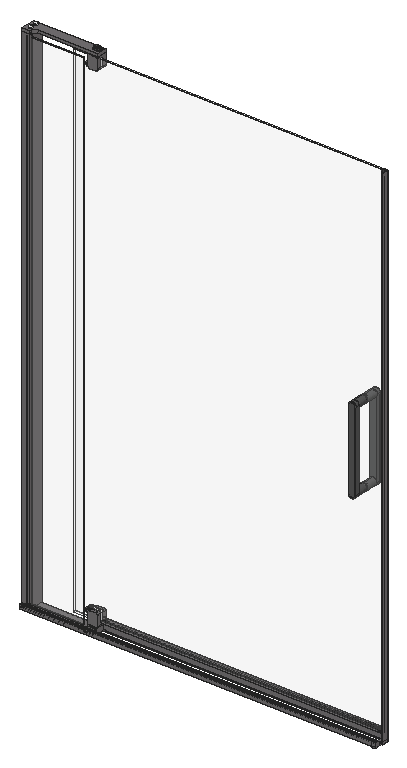
Revit family "Shower-Shower_Door-KOHLER-Revel-K-707551_1", category Specialty Equipment, host Face, Revit 2022 (continued)
Definition of nested family "K-707551"
  Automatic sketch dimensions
    curve 145 to curve 146 = 0"  (x2)
    curve 80 to plane 4 = 0"
    curve 74 to plane 14 = 0"
    plane 1 "Center (Front/Back)" to curve 94 = 0"
    curve 75 to plane 14 = 0"
    curve 78 to plane 27 = 0"
    curve 147 to plane 27 = 0"
    plane 15 to curve 135 = 0"
    plane 15 to curve 136 = 0"
    curve 150 to plane 29 = 0"
    curve 159 to plane 31 = 0"
    plane 30 to curve 161 = 0.03753"
    plane 30 to curve 152 = 0.14173"
    plane 15 to curve 150 = 0"
    plane 19 "A" to curve 131 = 0.03673"
    plane 18 to curve 131 = 0.13423"
    plane 20 "B" to curve 116 = 0.03673"
    plane 18 to curve 116 = 0.13423"
    plane 18 to curve 128 = 0.03673"
    plane 18 to curve 123 = 0.03673"
    plane 18 to curve 108 = 0.03673"
    plane 18 to curve 119 = 0.03673"
    curve 118 to plane 18 = 0.03673"
    curve 109 to plane 18 = 0.03673"
    curve 130 to plane 18 = 0.03673"
    curve 124 to plane 18 = 0.03673"
    curve 125 to plane 19 "A" = 0.03673"
    curve 122 to curve 125 = 0.0975"
    plane 20 "B" to curve 112 = 0.03673"
    curve 110 to curve 112 = 0.0975"
    curve 81 to curve 81 = 0.09093"
    curve 85 to plane 5 = 61/256"
    curve 84 to plane 5 = 0.03"
    curve 83 to plane 5 = 0.03"
    plane 1 "Center (Front/Back)" to curve 102 = 0.02884"
    plane 5 to curve 102 = 0.76063"
    plane 20 "B" to curve 141 = 0.16284"
    curve 102 to curve 141 = 0.04852"
    curve 102 to curve 96 = 0.09966"
    curve 102 to curve 104 = 0.09966"
    curve 141 to curve 143 = 0.07988"
    curve 96 to curve 140 = 0.02874"
    curve 140 to curve 94 = 0.0001"
    curve 95 to curve 103 = 0.02884"
    curve 140 to curve 100 = 0.02895"
    plane 1 "Center (Front/Back)" to curve 103 = 0.02884"
    curve 103 to curve 103 = 0.09966"
    plane 1 "Center (Front/Back)" to curve 142 = 0.04856"
    curve 142 to plane 27 = 0.23277"
    curve 157 to plane 31 = 0.03365"
    plane 31 to curve 158 = 0.01322"
    plane 31 to curve 156 = 0.02423"
    curve 156 to curve 154 = 0.00633"
    curve 155 to curve 153 = 0.05885"
    plane 31 to curve 155 = 0.08389"
    plane 1 "Center (Front/Back)" to curve 160 = 0.00425"
    curve 155 to curve 160 = 0.02009"
    plane 31 to curve 162 = 0.15086"
    curve 163 to curve 163 = 0.02441"
    curve 148 to plane 30 = 0.05767"
    curve 147 to plane 30 = 0.05767"
    curve 80 to curve 79 = 0.1652"
    curve 84 to plane 15 = 0.4581"
    curve 84 to curve 85 = 0.11575"
    curve 130 to curve 129 = 0.0975"
    plane 19 "A" to curve 130 = 0.03673"
    curve 127 to plane 19 "A" = 0.03673"
    curve 120 to curve 121 = 0.0975"
    plane 1 "Center (Front/Back)" to curve 162 = 0.18411"
    curve 163 to curve 148 = 0.02361"
    curve 104 to curve 104 = 0.09966"
    curve 101 to plane 1 "Center (Front/Back)" = 0.02884"
    curve 96 to plane 1 "Center (Front/Back)" = 0.02884"
    curve 96 to curve 140 = 0.00248"
    curve 155 to plane 1 "Center (Front/Back)" = 0.09118"
    curve 99 to curve 97 = 0.09966"
    curve 155 to curve 154 = 0.06544"
    curve 154 to curve 156 = 0.00927"
    curve 111 to plane 20 "B" = 0.13423"
    curve 114 to plane 20 "B" = 0.03673"
    curve 119 to plane 20 "B" = 0.03673"
    curve 158 to curve 157 = 0.0175"
    curve 108 to curve 108 = 0.0975"
    curve 141 to curve 144 = 0.00699"
    curve 88 to curve 81 = 0.00607"
    plane 5 to curve 87 = 0.27052"
    plane 5 to curve 74 = 0.38638"
    curve 94 to curve 102 = 0.2311"
    curve 92 to curve 102 = 0.08693"
    plane 20 "B" to curve 141 = 0.01706"
    curve 74 to curve 141 = 0.00276"
    curve 140 to curve 141 = 0"
    curve 143 to curve 141 = 0.01712"
    curve 141 to curve 144 = 0.00256"
    curve 146 to curve 75 = 0.02854"
    plane 1 "Center (Front/Back)" to curve 142 = 0.13925"
    curve 75 to plane 27 = 0.1683"
    curve 89 to plane 27 = 0.04478"
    curve 135 to plane 19 "A" = 0.21563"
    curve 135 to plane 6 "K" = 0.49213"
    curve 132 to plane 20 "B" = 0.11924"
    curve 132 to plane 6 "K" = 0.49213"
    curve 138 to plane 6 "K" = 0.49213"
    plane 6 "K" to curve 136 = 0.49213"
    curve 134 to curve 136 = 0"
    plane 6 "K" to curve 138 = 0.49213"
    curve 156 to plane 29 = 0.05792"
    curve 156 to curve 139 = 0.00498"
    curve 163 to curve 161 = 0.0027"
    plane 30 to curve 162 = 0.01307"
    curve 136 to curve 137 = 0.05765"
    curve 137 to curve 151 = 0.2007"
    curve 151 to curve 152 = 0.06438"
    curve 87 to curve 90 = 0.123"
    curve 89 to curve 87 = 0.11678"
    curve 77 to curve 148 = 0.17575"
    curve 150 to plane 19 "A" = 0.21563"
    curve 136 to plane 19 "A" = 0.21563"
    curve 76 to curve 148 = 0.06517"
    curve 76 to plane 14 = 0.19046"
    curve 133 to plane 14 = 0.19046"
    curve 134 to plane 14 = 0.19046"
    plane 12 to curve 138 = 0.51403"
    curve 35 to curve 36 = 0"
    plane 4 to curve 3 = 0"
    plane 4 to curve 5 = 0"
    curve 1 to plane 7 = 0"
    curve 4 to plane 16 = 0"
    curve 4 to plane 17 = 0"
    curve 3 to plane 8 = 0"
    curve 14 to plane 21 "C" = 0"
    curve 6 to plane 5 = 0"
    curve 5 to plane 5 = 0"
    curve 33 to plane 17 = 0"
    curve 13 to plane 16 = 0"
    curve 20 to plane 8 = 0"
    curve 23 to plane 7 = 0"
    curve 34 to plane 17 = 0"
    curve 15 to plane 16 = 0"
    curve 166 to plane 22 = 0"
    plane 30 to curve 17 = 0.14173"
    curve 165 to plane 30 = 0"
    curve 149 to plane 22 = 0"
    curve 35 to plane 9 "D" = 0"
    curve 6 to plane 17 = 0"
    curve 14 to plane 5 = 0.03234"
    plane 9 "D" to curve 33 = 0.02692"
    plane 5 to curve 33 = 0.26228"
    curve 7 to plane 21 "C" = 0.03784"
    plane 5 to curve 7 = 0.28002"
    plane 9 "D" to curve 30 = 0.27933"
    curve 8 to curve 8 = 0.24016"
    curve 30 to plane 27 = 0.31124"
    curve 10 to plane 21 "C" = 0.03893"
    curve 10 to plane 27 = 0.28385"
    plane 9 "D" to curve 34 = 0.02692"
    plane 31 to curve 166 = 0.15086"
    plane 16 to curve 18 = 0.04195"
    plane 7 to curve 2 = 0.03277"
    plane 18 to curve 2 = 0.246"
    curve 2 to curve 1 = 0"  (x2)
    curve 1 to plane 18 = 0.246"
    curve 4 to plane 18 = 0.48083"
    curve 1 to curve 3 = 0.23863"
    plane 5 to curve 22 = 0.26706"
    curve 31 to curve 36 = 0.02188"
    plane 26 to curve 25 = 0.16051"
    plane 5 to curve 25 = 0.56409"
    plane 16 to curve 12 = 0.12358"
    curve 7 to curve 12 = 0.37288"
    curve 12 to curve 13 = 0"
    curve 25 to curve 24 = 23/256"
    curve 22 to curve 20 = 0.38688"
    curve 24 to curve 23 = 0"  (x2)
    curve 20 to curve 21 = 0"  (x2)
    curve 20 to plane 27 = 0.45049"
    curve 23 to curve 20 = 0"
    curve 13 to curve 11 = 0.40467"
    curve 13 to curve 12 = 0.00481"
    curve 24 to curve 25 = 23/256"
    curve 22 to plane 27 = 0.06361"
    curve 15 to plane 27 = 0.04478"
    curve 167 to plane 29 = 0.05794"
    curve 149 to plane 28 = 0.05484"
    curve 16 to level = 0.00013"
    curve 18 to curve 15 = 0.13054"
    plane 16 to curve 11 = 0.16295"
    curve 166 to curve 19 = 0.42563"
    plane 16 to curve 6 = 0.46758"
    curve 7 to curve 6 = 0"
    plane 21 "C" to curve 14 = 0.31068"
    curve 35 to plane 9 "D" = 0.16965"
    curve 22 to plane 8 = 0.13399"
    curve 21 to plane 8 = 0.07121"
    curve 24 to curve 25 = 0.063"
    Extrusion 1 sketch curve to level = 0"
    Extrusion 1 sketch curve to plane 15 = 0.06835"
    Extrusion 1 sketch curve to Extrusion 1 sketch curve = 0.0575"
    Extrusion 1 sketch curve to Extrusion 1 sketch curve = 0.00517"
    Extrusion 1 sketch curve to Extrusion 1 sketch curve = 0.01419"
    Extrusion 1 sketch curve to Extrusion 1 sketch curve = 0.06095"
    level to Extrusion 1 sketch curve = 1/16"
    Extrusion 1 sketch curve to plane 19 "A" = 0.24875"
    Extrusion 1 sketch curve to Extrusion 1 sketch curve = 0.0269"
    Extrusion 1 sketch curve to plane 14 = 0.11294"
    Extrusion 1 sketch curve to plane 14 = 0.10972"
    level to Extrusion 1 sketch curve = 0.0362"
    level to Extrusion 1 sketch curve = 0.1353"
    Extrusion 1 sketch curve to Extrusion 1 sketch curve = 0.18081"
    Extrusion 1 sketch curve to plane 16 = 0.14992"
    Extrusion 2 sketch curve to plane 15 = 0"
    Extrusion 2 sketch curve to plane 16 = 0"
    Extrusion 2 sketch curve to level = 0"
    Extrusion 2 sketch curve to Extrusion 2 sketch curve = 0.02565"
    Extrusion 2 sketch curve to Extrusion 2 sketch curve = 0.04849"
    Extrusion 2 sketch curve to plane 15 = 0.06835"
    Extrusion 2 sketch curve to Extrusion 2 sketch curve = 0.01986"
    Extrusion 2 sketch curve to Extrusion 2 sketch curve = 0.13"
    Extrusion 2 sketch curve to Extrusion 2 sketch curve = 0.03"
    Extrusion 2 sketch curve to Extrusion 2 sketch curve = 0.02306"
    level to Extrusion 2 sketch curve = 0.06"
    Extrusion 2 sketch curve to plane 19 "A" = 0.21563"
    Extrusion 2 sketch curve to level = 0.00012"
    Extrusion 2 sketch curve to Extrusion 2 sketch curve = 0.05002"
    Extrusion 2 sketch curve to Extrusion 2 sketch curve = 0.06012"
    Extrusion 2 sketch curve to Extrusion 2 sketch curve = 0.23886"
    Extrusion 2 sketch curve to Extrusion 2 sketch curve = 0.03927"
    Extrusion 3 sketch curve to plane 15 = 0"
    Extrusion 3 sketch curve to plane 16 = 0"
    plane 15 to Extrusion 3 sketch curve = 0.01592"
    Extrusion 3 sketch curve to Extrusion 3 sketch curve = 0.01926"
    Extrusion 3 sketch curve to plane 15 = 0.27398"
    Extrusion 3 sketch curve to Extrusion 3 sketch curve = 0.02839"
    level to Extrusion 3 sketch curve = 0.12718"
    Extrusion 3 sketch curve to Extrusion 3 sketch curve = 0.02873"
    Extrusion 3 sketch curve to Extrusion 3 sketch curve = 0.00215"
    Extrusion 3 sketch curve to Extrusion 3 sketch curve = 0.01786"
    Extrusion 3 sketch curve to Extrusion 3 sketch curve = 0.03964"
    level to Extrusion 3 sketch curve = 0.02652"
    Extrusion 3 sketch curve to plane 19 "A" = 0.24875"
    Extrusion 3 sketch curve to level = 0.00012"
    Extrusion 3 sketch curve to plane 20 "B" = 0.05137"
    Extrusion 3 sketch curve to plane 20 "B" = 0.04724"
    Extrusion 3 sketch curve to plane 20 "B" = 0.01862"
    level to Extrusion 3 sketch curve = 0.03588"
    Extrusion 3 sketch curve to Extrusion 3 sketch curve = 0.03586"
    Extrusion 3 sketch curve to Extrusion 3 sketch curve = 0.17605"
    plane 16 to Extrusion 3 sketch curve = 0.01936"
    Extrusion 4 sketch curve to plane 4 = 0"  (x3)
    Extrusion 4 sketch curve to Extrusion 4 sketch curve = 0.0602"  (x3)
    plane 18 to Extrusion 4 sketch curve = 0.07962"  (x2)
    Extrusion 4 sketch curve to plane 18 = 0.12868"
    Extrusion 4 sketch curve to Extrusion 4 sketch curve = 0.35216"
    Extrusion 4 sketch curve to plane 14 = 0.06541"
    Extrusion 4 sketch curve to plane 18 = 0.48463"
    Extrusion 4 sketch curve to Extrusion 4 sketch curve = 0.08028"
    Extrusion 4 sketch curve to plane 20 "B" = 0.05739"
    Extrusion 4 sketch curve to Extrusion 4 sketch curve = 0.06414"
    Extrusion 4 sketch curve to plane 19 "A" = 0.12285"
    Extrusion 4 sketch curve to plane 19 "A" = 0.05862"
    plane 19 "A" to Extrusion 4 sketch curve = 0.29112"
    Extrusion 4 sketch curve to Extrusion 4 sketch curve = 0.11575"
    Extrusion 4 sketch curve to plane 15 = 0.32135"
    Extrusion 4 sketch curve to Extrusion 4 sketch curve = 0.063"
    plane 18 to Extrusion 5 sketch curve = 0.07962"  (x2)
    Extrusion 5 sketch curve to plane 18 = 0.12868"
    Extrusion 5 sketch curve to plane 5 = 61/256"
    Extrusion 5 sketch curve to plane 5 = 0.03"  (x2)
    Extrusion 5 sketch curve to plane 15 = 0.4581"
    Extrusion 5 sketch curve to Extrusion 5 sketch curve = 0.11575"
    Extrusion 6 sketch curve to plane 14 = 0"
    Extrusion 6 sketch curve to plane 15 = 0.20009"
    Extrusion 6 sketch curve to plane 18 = 0.45693"
    Extrusion 6 sketch curve to Extrusion 6 sketch curve = 0.09093"
    Extrusion 6 sketch curve to Extrusion 6 sketch curve = 0.51584"
    Extrusion 6 sketch curve to Extrusion 6 sketch curve = 0.07427"
    Revolve 7 sketch curve to plane 7 = 0.10388"
    Revolve 7 sketch curve to Revolve 7 sketch curve = 0.03277"
    Revolve 7 sketch curve to Revolve 7 sketch curve = 0.17753"
    Revolve 7 sketch curve to plane 26 = 0.02929"
    Revolve 7 sketch curve to Revolve 7 sketch curve = 0.2419"
    Revolve 8 sketch curve to Revolve 8 sketch curve = 0.03277"
    Revolve 8 sketch curve to Revolve 8 sketch curve = 0.17753"
    Revolve 8 sketch curve to plane 7 = 0.10388"
    plane 26 to Revolve 8 sketch curve = 0.01062"
    Revolve 8 sketch curve to plane 26 = 0.13893"
    Extrusion 9 sketch curve to level = 0"
    Extrusion 9 sketch curve to plane 15 = 0.06835"
    Extrusion 9 sketch curve to Extrusion 9 sketch curve = 0.0575"
    Extrusion 9 sketch curve to Extrusion 9 sketch curve = 0.11628"
    Extrusion 9 sketch curve to Extrusion 9 sketch curve = 0.01"
    Extrusion 9 sketch curve to Extrusion 9 sketch curve = 0.0365"
    Extrusion 9 sketch curve to plane 16 = 0.00492"  (x2)
    Extrusion 9 sketch curve to Extrusion 9 sketch curve = 0.03091"
    Extrusion 9 sketch curve to Extrusion 9 sketch curve = 0.05911"
    Extrusion 9 sketch curve to Extrusion 9 sketch curve = 1/8"
    Extrusion 9 sketch curve to Extrusion 9 sketch curve = 0.04573"
    Extrusion 9 sketch curve to Extrusion 9 sketch curve = 0.27637"
    Extrusion 9 sketch curve to Extrusion 9 sketch curve = 0.06091"
    Extrusion 9 sketch curve to Extrusion 9 sketch curve = 0.04562"
    level to Extrusion 9 sketch curve = 1/16"
    Extrusion 9 sketch curve to plane 19 "A" = 0.24913"
    Extrusion 9 sketch curve to Extrusion 9 sketch curve = 1/32"
    Extrusion 9 sketch curve to plane 14 = 0.07674"
    level to Extrusion 9 sketch curve = 0.13559"
    level to Extrusion 9 sketch curve = 1/4"
    Extrusion 9 sketch curve to Extrusion 9 sketch curve = 0.05172"
    Extrusion 9 sketch curve to plane 16 = 0.14992"
    Extrusion 10 sketch curve to plane 21 "C" = 0.03784"
    plane 5 to Extrusion 10 sketch curve = 0.28002"
    Extrusion 10 sketch curve to Extrusion 10 sketch curve = 0.03852"
    Extrusion 10 sketch curve to Extrusion 10 sketch curve = 0.24016"
    Extrusion 10 sketch curve to plane 21 "C" = 0.03893"
    Extrusion 10 sketch curve to plane 27 = 0.28385"
    Extrusion 10 sketch curve to Extrusion 10 sketch curve = 0.03937"
    plane 16 to Extrusion 10 sketch curve = 0.16295"
    plane 1 "Center (Front/Back)" to Extrusion 11 sketch curve = 0.223"
    Extrusion 11 sketch curve to plane 20 "B" = 0.04449"
    plane 16 to Extrusion 11 sketch curve = 0.46758"
    Extrusion 11 sketch curve to plane 21 "C" = 0.5088"
    plane 5 to Extrusion 12 sketch curve = 0.29971"
    Extrusion 12 sketch curve to plane 21 "C" = 0.25831"
    Extrusion 12 sketch curve to Extrusion 12 sketch curve = 0.22047"
    Extrusion 12 sketch curve to plane 21 "C" = 0.03893"
    Extrusion 12 sketch curve to plane 27 = 0.28385"
    plane 16 to Extrusion 12 sketch curve = 0.46758"
    plane 20 "B" to Revolve 13 sketch curve = 0.069"
    plane 20 "B" to Revolve 13 sketch curve = 0.02888"
    Revolve 13 sketch curve to plane 20 "B" = 0.14723"
    Revolve 13 sketch curve to Revolve 13 sketch curve = 0.03917"  (x2)
    plane 1 "Center (Front/Back)" to Revolve 13 sketch curve = 0.097"
    Revolve 13 sketch curve to Revolve 13 sketch curve = 0.17611"
    Revolve 13 sketch curve to plane 5 = 0.03234"  (x2)
    Revolve 13 sketch curve to plane 19 "A" = 0.19948"
    Revolve 13 sketch curve to plane 5 = 0.18945"
    Revolve 13 sketch curve to Revolve 13 sketch curve = 0.1116"  (x2)
    Revolve 13 sketch curve to Revolve 13 sketch curve = 0.00353"  (x2)
    Revolve 13 sketch curve to Revolve 13 sketch curve = 0.138"
    Revolve 13 sketch curve to Revolve 13 sketch curve = 0"
    plane 5 to Extrusion 14 sketch curve = 0.48346"
    Extrusion 14 sketch curve to Extrusion 14 sketch curve = 0.10908"  (x7)
    Extrusion 14 sketch curve to Extrusion 14 sketch curve = 0.40681"
    Extrusion 14 sketch curve to Extrusion 14 sketch curve = 0"  (x2)
    plane 21 "C" to Extrusion 14 sketch curve = 0.69196"
    Extrusion 14 sketch curve to Extrusion 14 sketch curve = 0.06298"  (x6)
    Extrusion 14 sketch curve to Extrusion 14 sketch curve = 0.12596"  (x6)
    Revolve 15 sketch curve to plane 5 = 0"  (x2)
    plane 20 "B" to Revolve 15 sketch curve = 0.07592"
    plane 20 "B" to Revolve 15 sketch curve = 0.0358"
    Revolve 15 sketch curve to plane 20 "B" = 0.14031"
    Revolve 15 sketch curve to Revolve 15 sketch curve = 0.03917"  (x2)
    plane 1 "Center (Front/Back)" to Revolve 15 sketch curve = 0.09007"
    Revolve 15 sketch curve to Revolve 15 sketch curve = 0.17611"
    Revolve 15 sketch curve to Revolve 15 sketch curve = 0.04012"
    Revolve 15 sketch curve to plane 5 = 0.15711"
    Revolve 15 sketch curve to Revolve 15 sketch curve = 0.1116"  (x2)
    Revolve 15 sketch curve to Revolve 15 sketch curve = 0.00353"  (x2)
    Revolve 15 sketch curve to Revolve 15 sketch curve = 0.04117"
    Revolve 15 sketch curve to Revolve 15 sketch curve = 0.03191"
    plane 1 "Center (Front/Back)" to Extrusion 16 sketch curve = 0.1776"
    plane 1 "Center (Front/Back)" to Extrusion 16 sketch curve = 0.13662"
    Extrusion 16 sketch curve to Extrusion 16 sketch curve = 0.01969"
    plane 1 "Center (Front/Back)" to Extrusion 16 sketch curve = 0.097"
    Extrusion 16 sketch curve to plane 1 "Center (Front/Back)" = 0.019"
    Extrusion 16 sketch curve to plane 1 "Center (Front/Back)" = 0.135"
    Extrusion 16 sketch curve to Extrusion 16 sketch curve = 0.01577"
    Extrusion 16 sketch curve to Extrusion 16 sketch curve = 0.06816"
    Extrusion 16 sketch curve to Extrusion 16 sketch curve = 0.02029"
    Extrusion 16 sketch curve to plane 20 "B" = 0.06943"
    Extrusion 16 sketch curve to plane 20 "B" = 0.05981"
    Extrusion 16 sketch curve to plane 20 "B" = 0.04455"
    Extrusion 16 sketch curve to Extrusion 16 sketch curve = 0.00192"
    Extrusion 16 sketch curve to Extrusion 16 sketch curve = 0.02195"
    Extrusion 16 sketch curve to plane 20 "B" = 0.0158"
    plane 20 "B" to Extrusion 16 sketch curve = 0.02709"
    plane 20 "B" to Extrusion 16 sketch curve = 0.1554"
    Extrusion 16 sketch curve to Extrusion 16 sketch curve = 0.13668"
    Extrusion 16 sketch curve to plane 14 = 0.10279"
    plane 12 to Extrusion 16 sketch curve = 0.13751"
    level to Extrusion 16 sketch curve = 0.02205"
    plane 16 to Extrusion 16 sketch curve = 0.38094"
    plane 16 to Extrusion 16 sketch curve = 0.46758"
    Extrusion 16 sketch curve to Extrusion 16 sketch curve = 0.05297"
    Extrusion 16 sketch curve to Extrusion 16 sketch curve = 0.06092"
    Extrusion 16 sketch curve to Extrusion 16 sketch curve = 0.00797"
    Extrusion 16 sketch curve to Extrusion 16 sketch curve = 0.08"
    Extrusion 16 sketch curve to Extrusion 16 sketch curve = 0.0482"
    Extrusion 16 sketch curve to Extrusion 16 sketch curve = 0.00549"
    Extrusion 16 sketch curve to Extrusion 16 sketch curve = 0.13016"
    Extrusion 16 sketch curve to Extrusion 16 sketch curve = 0.17562"
    Extrusion 16 sketch curve to Extrusion 16 sketch curve = 0.03365"
    Extrusion 16 sketch curve to Extrusion 16 sketch curve = 0.22138"
    Extrusion 16 sketch curve to Extrusion 16 sketch curve = 0.42658"
    Extrusion 16 sketch curve to Extrusion 16 sketch curve = 0.04739"
    Extrusion 16 sketch curve to plane 21 "C" = 0.6411"
    Extrusion 16 sketch curve to Extrusion 16 sketch curve = 0"  (x4)
    Extrusion 16 sketch curve to plane 20 "B" = 0.00715"
    Extrusion 16 sketch curve to Extrusion 16 sketch curve = 0.00661"
    Extrusion 17 sketch curve to Extrusion 17 sketch curve = 0.03321"  (x2)
    plane 9 "D" to Extrusion 17 sketch curve = 0.02692"  (x2)
    Extrusion 17 sketch curve to plane 27 = 0.05882"
    plane 5 to Extrusion 17 sketch curve = 0.51469"
    plane 1 "Center (Front/Back)" to Extrusion 18 sketch curve = 0.22762"
    Extrusion 18 sketch curve to plane 20 "B" = 0.08637"
    plane 5 to Extrusion 19 sketch curve = 0.28196"
    plane 9 "D" to Extrusion 19 sketch curve = 0.02692"  (x2)
    Extrusion 19 sketch curve to Extrusion 19 sketch curve = 0.23273"
    Extrusion 19 sketch curve to plane 27 = 0.31124"
    plane 1 "Center (Front/Back)" to Extrusion 20 sketch curve = 0.1605"
    Extrusion 20 sketch curve to plane 5 = 2.07363"
    Extrusion 20 sketch curve to plane 1 "Center (Front/Back)" = 0.152"
    Extrusion 20 sketch curve to Extrusion 20 sketch curve = 0"
    Extrusion 20 sketch curve to Extrusion 20 sketch curve = 0.19516"
    plane 1 "Center (Front/Back)" to Extrusion 20 sketch curve = 0.00425"
    plane 31 to Extrusion 20 sketch curve = 0.10398"
    plane 23 to Extrusion 21 sketch curve = 0.06719"  (x4)
    plane 5 to Extrusion 21 sketch curve = 0.46627"
    Extrusion 21 sketch curve to plane 23 = 0.12174"  (x2)
    Extrusion 21 sketch curve to Extrusion 21 sketch curve = 0.10908"  (x7)
    plane 23 to Extrusion 21 sketch curve = 0.00422"  (x2)
    Extrusion 21 sketch curve to plane 22 = 0.12366"  (x2)
    Extrusion 21 sketch curve to Extrusion 21 sketch curve = 0.40862"
    Extrusion 21 sketch curve to Extrusion 21 sketch curve = 0"
    Extrusion 21 sketch curve to plane 23 = 0.05876"  (x4)
    Revolve 22 sketch curve to plane 11 = 0"
    plane 24 to Revolve 22 sketch curve = 0.24424"
    plane 12 to Revolve 22 sketch curve = 0.51403"
    Revolve 22 sketch curve to plane 1 "Center (Front/Back)" = 0.135"
    plane 1 "Center (Front/Back)" to Revolve 22 sketch curve = 0.097"
    Revolve 22 sketch curve to plane 15 = 0.05765"
    Revolve 22 sketch curve to plane 12 = 1.06078"
    Revolve 22 sketch curve to Revolve 22 sketch curve = 0.3937"
    plane 1 "Center (Front/Back)" to Revolve 23 sketch curve = 0.097"
    Revolve 23 sketch curve to plane 25 = 0.24424"
    Revolve 23 sketch curve to plane 1 "Center (Front/Back)" = 0.135"
    plane 12 to Revolve 23 sketch curve = 0.51403"
    Revolve 23 sketch curve to plane 15 = 0.05765"
    Revolve 23 sketch curve to plane 12 = 3.81668"
    Revolve 23 sketch curve to Revolve 23 sketch curve = 0.7874"
    Sweep 24 sketch curve to profile plane = 0"
    Sweep 24 sketch curve to profile plane = 0.03819"
    Sweep 24 sketch curve to Sweep 24 sketch curve = 0.03217"
    plane 1 "Center (Front/Back)" to Sweep 24 sketch curve = 1.47495"
    Sweep 24 sketch curve to Sweep 24 sketch curve = 0.48457"
    Extrusion 25 sketch curve to plane 25 = 0"
    Sweep 26 sketch curve to profile plane = 0"
    profile plane to Sweep 26 sketch curve = 0.03596"
    Sweep 26 sketch curve to Sweep 26 sketch curve = 0.04726"
    Sweep 26 sketch curve to plane 1 "Center (Front/Back)" = 2.10994"
    Sweep 26 sketch curve to Sweep 26 sketch curve = 0.47807"
    Extrusion 27 sketch curve to plane 25 = 0"
    Extrusion 27 sketch curve to plane 24 = 0"
    plane 1 "Center (Front/Back)" to Extrusion 28 sketch curve = 0"
    Extrusion 28 sketch curve to plane 27 = 0.68567"
    Masking region 1 sketch curve to Masking region 1 sketch curve = 0"  (x4)
    plane 18 to Masking region 1 sketch curve = 0"
    Masking region 1 sketch curve to plane 7 = 0"  (x2)
    Masking region 1 sketch curve to plane 5 = 0"
    Masking region 1 sketch curve to plane 26 = 0"
    Masking region 1 sketch curve to plane 16 = 0"  (x2)
    Masking region 1 sketch curve to plane 8 = 0"
    Masking region 1 sketch curve to plane 17 = 0"
    Masking region 1 sketch curve to plane 28 = 0"
    Masking region 1 sketch curve to level = 0"
    plane 18 to Masking region 1 sketch curve = 0.246"
    plane 7 to Masking region 1 sketch curve = 0.03277"
    Masking region 1 sketch curve to plane 18 = 0.246"
    plane 5 to Masking region 1 sketch curve = 0.26228"
    Masking region 1 sketch curve to plane 8 = 0.07121"  (x2)
    Masking region 1 sketch curve to Masking region 1 sketch curve = 0.00478"
    Masking region 1 sketch curve to Masking region 1 sketch curve = 0.28002"
    Masking region 1 sketch curve to Masking region 1 sketch curve = 0.03852"
    Masking region 1 sketch curve to Masking region 1 sketch curve = 0.11286"
    plane 7 to Masking region 1 sketch curve = 0.1409"  (x2)
    plane 5 to Masking region 1 sketch curve = 0.52953"
    plane 26 to Masking region 1 sketch curve = 0.16051"  (x2)
    Masking region 1 sketch curve to Masking region 1 sketch curve = 0.03457"  (x2)
    plane 26 to Masking region 1 sketch curve = 0.02092"  (x2)
    Masking region 1 sketch curve to Masking region 1 sketch curve = 0.01962"
    plane 26 to Masking region 1 sketch curve = 0.02431"
    Masking region 1 sketch curve to Masking region 1 sketch curve = 0.33436"
    Masking region 1 sketch curve to Masking region 1 sketch curve = 0.12442"
    Masking region 1 sketch curve to Masking region 1 sketch curve = 0.27402"
    Masking region 1 sketch curve to plane 27 = 0.45049"
    plane 16 to Masking region 1 sketch curve = 0.12358"
    Masking region 1 sketch curve to plane 27 = 0.44945"
    Masking region 1 sketch curve to Masking region 1 sketch curve = 0.04616"
    Masking region 1 sketch curve to Masking region 1 sketch curve = 0.02407"
    Masking region 1 sketch curve to Masking region 1 sketch curve = 23/256"
    Masking region 1 sketch curve to plane 27 = 0.17647"
    Masking region 1 sketch curve to plane 27 = 0.08415"
    Masking region 1 sketch curve to plane 27 = 0.06361"
    Masking region 1 sketch curve to plane 27 = 0.05882"
    Masking region 1 sketch curve to plane 27 = 0.04478"
    Masking region 1 sketch curve to Masking region 1 sketch curve = 0.12358"
    Masking region 1 sketch curve to Masking region 1 sketch curve = 0.03937"
    Masking region 1 sketch curve to Masking region 1 sketch curve = 0.30548"
    Masking region 1 sketch curve to Masking region 1 sketch curve = 0.09599"  (x2)
    Masking region 1 sketch curve to plane 7 = 0.10415"
    Masking region 2 sketch curve to Masking region 2 sketch curve = 0"  (x7)
    Masking region 2 sketch curve to level = 0"  (x2)
    Masking region 2 sketch curve to plane 15 = 0"  (x2)
    Masking region 2 sketch curve to plane 10 = 0"
    Masking region 2 sketch curve to plane 12 = 0"
    Masking region 2 sketch curve to plane 13 = 0"
    Masking region 2 sketch curve to plane 11 = 0"  (x2)
    Masking region 2 sketch curve to plane 8 = 0"
    Masking region 2 sketch curve to plane 19 "A" = 0"
    Masking region 2 sketch curve to plane 20 "B" = 0"
    Masking region 2 sketch curve to plane 7 = 0"  (x2)
    Masking region 2 sketch curve to plane 14 = 0"
    Masking region 2 sketch curve to level = 0.00012"
    level to Masking region 2 sketch curve = 0.01986"
    Masking region 2 sketch curve to Masking region 2 sketch curve = 0.0269"
    level to Masking region 2 sketch curve = 0.03587"
    Masking region 2 sketch curve to Masking region 2 sketch curve = 0.0331"
    Masking region 2 sketch curve to Masking region 2 sketch curve = 0.00251"
    Masking region 2 sketch curve to Masking region 2 sketch curve = 0.05002"
    Masking region 2 sketch curve to Masking region 2 sketch curve = 0.06012"
    Masking region 2 sketch curve to Masking region 2 sketch curve = 0.0053"
    level to Masking region 2 sketch curve = 0.21702"
    Masking region 2 sketch curve to Masking region 2 sketch curve = 0.03298"  (x2)
    Masking region 2 sketch curve to Masking region 2 sketch curve = 0.12887"
    Masking region 2 sketch curve to Masking region 2 sketch curve = 0.04783"
    Masking region 2 sketch curve to Masking region 2 sketch curve = 0.04523"
    Masking region 2 sketch curve to Masking region 2 sketch curve = 0.056"
    Masking region 2 sketch curve to Masking region 2 sketch curve = 0.112"
    Masking region 2 sketch curve to plane 16 = 0.06492"
    plane 16 to Masking region 2 sketch curve = 0.01936"
    Masking region 2 sketch curve to Masking region 2 sketch curve = 0.0226"
    Masking region 2 sketch curve to plane 14 = 0.01249"  (x4)
    plane 16 to Masking region 2 sketch curve = 0.12358"
    plane 14 to Masking region 2 sketch curve = 0.03695"  (x2)
    Masking region 2 sketch curve to Masking region 2 sketch curve = 0.65502"
    plane 21 "C" to Masking region 2 sketch curve = 0.37702"
    Masking region 2 sketch curve to plane 21 "C" = 0.278"
    Masking region 2 sketch curve to Masking region 2 sketch curve = 0.03937"
    Masking region 2 sketch curve to Masking region 2 sketch curve = 0.04189"
    Masking region 2 sketch curve to plane 15 = 0.05765"
    plane 25 to Masking region 2 sketch curve = 0.49008"
    Masking region 2 sketch curve to plane 14 = 0.06541"  (x3)
    plane 25 to Masking region 2 sketch curve = 0.49213"
    Masking region 2 sketch curve to plane 24 = 0.49213"  (x2)
    Masking region 2 sketch curve to plane 11 = 0.03937"
    Masking region 2 sketch curve to plane 11 = 0.03773"
    plane 9 "D" to Masking region 2 sketch curve = 0.27933"
    Masking region 2 sketch curve to plane 23 = 0.18476"
    Masking region 2 sketch curve to plane 22 = 0.06065"
    Masking region 2 sketch curve to plane 8 = 0.13399"
    Masking region 2 sketch curve to plane 7 = 0.10301"  (x2)
    plane 7 to Masking region 2 sketch curve = 0.03265"  (x3)
    Masking region 2 sketch curve to Masking region 2 sketch curve = 0.10825"
    plane 20 "B" to Masking region 2 sketch curve = 0.05679"
    plane 7 to Masking region 2 sketch curve = 0.17155"
    plane 20 "B" to Masking region 2 sketch curve = 0.03811"
    Masking region 2 sketch curve to Masking region 2 sketch curve = 0.03235"
    Masking region 2 sketch curve to Masking region 2 sketch curve = 0.063"
    plane 26 to Masking region 2 sketch curve = 0.03296"  (x2)
    plane 26 to Masking region 2 sketch curve = 0.02837"  (x2)
    plane 12 to Masking region 2 sketch curve = 0.51403"
    Masking region 2 sketch curve to Masking region 2 sketch curve = 0.05292"  (x2)
    Masking region 2 sketch curve to plane 14 = 0.07674"
    plane 20 "B" to Masking region 2 sketch curve = 0.00335"
    Masking region 2 sketch curve to plane 20 "B" = 0.01523"
    plane 1 "Center (Front/Back)" to Masking region 2 sketch curve = 0.23689"
    Masking region 2 sketch curve to Masking region 2 sketch curve = 0.03674"
    Masking region 2 sketch curve to plane 19 "A" = 0.27565"
    Masking region 2 sketch curve to Masking region 2 sketch curve = 0.06964"
    Masking region 2 sketch curve to Masking region 2 sketch curve = 0.08795"
    Masking region 2 sketch curve to Masking region 2 sketch curve = 0.03313"
    Masking region 2 sketch curve to Masking region 2 sketch curve = 0.03477"
    Masking region 2 sketch curve to plane 15 = 0.25835"  (x2)
    Masking region 2 sketch curve to Masking region 2 sketch curve = 0.2007"
    Masking region 2 sketch curve to plane 15 = 0.25635"
    Masking region 2 sketch curve to Masking region 2 sketch curve = 0.028"
    Masking region 2 sketch curve to Masking region 2 sketch curve = 0.0365"
    Masking region 2 sketch curve to plane 15 = 0.20009"
    Masking region 2 sketch curve to Masking region 2 sketch curve = 0.01419"
    Masking region 2 sketch curve to Masking region 2 sketch curve = 0.00901"
    Masking region 2 sketch curve to Masking region 2 sketch curve = 0.0575"
    Masking region 2 sketch curve to plane 15 = 0.06835"  (x2)
    plane 15 to Masking region 2 sketch curve = 0.01592"
    curve 42 to level = 0"
    curve 41 to plane 15 = 0"
    curve 40 to plane 16 = 0"
    curve 53 to plane 10 = 0"
    curve 55 to plane 10 = 0"
    curve 56 to plane 10 = 0"
    curve 54 to plane 10 = 0"
    curve 60 to plane 11 = 0"
    curve 57 to plane 11 = 0"
    curve 59 to plane 11 = 0"
    curve 58 to plane 11 = 0"
    curve 50 to plane 8 = 0"
    curve 64 to plane 7 = 0"
    curve 65 to plane 7 = 0"
    level to curve 38 = 1/4"
    curve 41 to curve 41 = 0.02565"
    curve 39 to plane 16 = 0.02306"
    curve 69 to plane 20 "B" = 0.00166"
    curve 69 to plane 7 = 0.10106"
    plane 7 to curve 67 = 0.03265"
    curve 67 to plane 1 "Center (Front/Back)" = 0.07518"
    curve 38 to plane 15 = 0.25835"
    level to curve 44 = 0.06988"
    curve 44 to curve 44 = 0.06012"
    curve 44 to curve 43 = 0.13028"
    curve 43 to curve 41 = 0.12427"
    curve 40 to curve 38 = 0.04195"
    plane 16 to curve 45 = 0.12358"
    curve 46 to plane 14 = 0.01249"
    curve 45 to curve 46 = 0.65502"
    plane 21 "C" to curve 46 = 0.37702"
    curve 45 to plane 14 = 0.06541"
    curve 45 to plane 21 "C" = 0.278"
    curve 56 to plane 15 = 0.05765"
    plane 25 to curve 56 = 0.49008"
    curve 56 to curve 54 = 0"
    curve 53 to plane 14 = 0.06541"
    plane 25 to curve 53 = 0.49213"
    plane 25 to curve 55 = 0.49213"
    curve 57 to plane 14 = 0.06541"
    curve 57 to plane 24 = 0.49213"
    curve 60 to plane 15 = 0.05765"
    curve 60 to plane 24 = 0.49213"
    curve 60 to curve 59 = 0"
    curve 58 to plane 24 = 0.49213"
    curve 61 to plane 14 = 0.06541"
    plane 9 "D" to curve 61 = 0.27933"
    curve 62 to plane 14 = 0.01249"
    curve 62 to plane 23 = 0.18476"
    curve 62 to plane 22 = 0.06065"
    curve 61 to plane 8 = 0.13399"
    plane 7 to curve 66 = 0.03265"
    curve 71 to plane 20 "B" = 0.14018"
    plane 20 "B" to curve 69 = 0.05679"
    plane 20 "B" to curve 70 = 0.00355"
    curve 69 to curve 70 = 0.03235"
    curve 47 to plane 14 = 0.14569"
    curve 64 to plane 14 = 0.14464"
    curve 68 to curve 64 = 0"
    curve 37 to curve 47 = 0.03597"
    curve 63 to plane 14 = 0.06541"
    plane 12 to curve 55 = 0.51403"
    plane 12 to curve 58 = 0.51403"
    curve 48 to plane 20 "B" = 0.05739"
    curve 48 to curve 49 = 0.06414"
    plane 1 "Center (Front/Back)" to curve 71 = 0.23519"
    curve 71 to curve 64 = 0.0017"
    curve 64 to curve 66 = 0.06964"
    curve 65 to curve 66 = 0"
    curve 71 to curve 70 = 0.08965"
    curve 50 to plane 19 "A" = 0.12285"
    curve 51 to plane 19 "A" = 0.05862"
    plane 19 "A" to curve 65 = 0.24536"
    curve 66 to curve 65 = 0"
    curve 52 to plane 15 = 0.32135"
    curve 54 to curve 56 = 0.2007"
    curve 59 to curve 60 = 0.2007"
    curve 52 to curve 63 = 0.063"
    curve 43 to plane 15 = 0.06835"
    curve 44 to plane 15 = 0.06835"
    Masking region 3 sketch curve to plane 14 = 0"  (x3)
    Masking region 3 sketch curve to plane 27 = 0"  (x2)
    plane 15 to Masking region 3 sketch curve = 0"  (x2)
    plane 12 to Masking region 3 sketch curve = 0"
    plane 13 to Masking region 3 sketch curve = 0"
    Masking region 3 sketch curve to plane 6 "K" = 0"
    Masking region 3 sketch curve to plane 31 = 0"
    plane 5 to Masking region 3 sketch curve = 0.38638"
    plane 14 to Masking region 3 sketch curve = 0.03695"  (x2)
    Masking region 3 sketch curve to Masking region 3 sketch curve = 0.3937"
    Masking region 3 sketch curve to Masking region 3 sketch curve = 0.23449"
    Masking region 3 sketch curve to plane 27 = 0.1683"
    Masking region 3 sketch curve to plane 19 "A" = 0.21563"
    Masking region 3 sketch curve to plane 6 "K" = 0.49213"  (x3)
    Masking region 3 sketch curve to Masking region 3 sketch curve = 0.03693"
    Masking region 3 sketch curve to plane 13 = 0.05243"
    plane 6 "K" to Masking region 3 sketch curve = 0.4397"
    plane 12 to Masking region 3 sketch curve = 0.03693"
    plane 6 "K" to Masking region 3 sketch curve = 0.4552"
    plane 1 "Center (Front/Back)" to Masking region 3 sketch curve = 0.1776"
    plane 6 "K" to Masking region 3 sketch curve = 0.49213"
    Masking region 3 sketch curve to Masking region 3 sketch curve = 0.05243"
    Masking region 3 sketch curve to plane 20 "B" = 0.00182"
    Masking region 3 sketch curve to plane 28 = 0.0305"
    Masking region 3 sketch curve to Masking region 3 sketch curve = 0.15865"  (x2)
    Masking region 3 sketch curve to Masking region 3 sketch curve = 0.19046"
    Masking region 3 sketch curve to plane 14 = 0.19046"
    Extrusion 29 sketch curve to Extrusion 29 sketch curve = 0"  (x5)
    plane 20 "B" to Extrusion 29 sketch curve = 0.16284"
    Extrusion 29 sketch curve to plane 27 = 0.76566"
    Extrusion 29 sketch curve to plane 1 "Center (Front/Back)" = 0.03132"
    Extrusion 29 sketch curve to Extrusion 29 sketch curve = 0.07988"
    plane 1 "Center (Front/Back)" to Extrusion 29 sketch curve = 0.04856"
    Extrusion 29 sketch curve to plane 27 = 0.23277"
    Extrusion 29 sketch curve to plane 14 = 0.07796"
    Extrusion 30 sketch curve to Extrusion 30 sketch curve = 0"  (x2)
    plane 20 "B" to Extrusion 30 sketch curve = 0.16983"
    Extrusion 30 sketch curve to plane 27 = 0.68578"
    plane 18 to Extrusion 33 sketch curve = 0.07962"  (x2)
    Extrusion 33 sketch curve to plane 18 = 0.12868"
    Extrusion 33 sketch curve to plane 15 = 0.25835"
    Extrusion 33 sketch curve to plane 15 = 0.4581"
    Extrusion 33 sketch curve to Extrusion 33 sketch curve = 0.11575"
    Extrusion 33 sketch curve to plane 14 = 0.06541"
    Extrusion 34 sketch curve to level = 0"
    Extrusion 34 sketch curve to plane 15 = 0"
    Extrusion 34 sketch curve to plane 16 = 0"
    level to Extrusion 34 sketch curve = 1/4"
    Extrusion 34 sketch curve to plane 15 = 0.25835"
    Extrusion 34 sketch curve to plane 20 "B" = 0.01862"
    Extrusion 35 sketch curve to plane 28 = 0.0305"
    Extrusion 35 sketch curve to plane 28 = 0.03401"
    Extrusion 35 sketch curve to Extrusion 35 sketch curve = 0.03177"
    plane 30 to Extrusion 35 sketch curve = 0.03753"
    plane 30 to Extrusion 35 sketch curve = 0.01307"
    Extrusion 35 sketch curve to plane 30 = 11/64"
    Extrusion 35 sketch curve to Extrusion 35 sketch curve = 0.00967"
    plane 31 to Extrusion 35 sketch curve = 0.16509"
    Extrusion 35 sketch curve to Extrusion 35 sketch curve = 0.02441"
    plane 31 to Extrusion 35 sketch curve = 0.08389"
    Extrusion 35 sketch curve to plane 20 "B" = 0.03683"  (x2)
    plane 31 to Extrusion 35 sketch curve = 0.07207"
    plane 31 to Extrusion 35 sketch curve = 0.03056"
    Extrusion 35 sketch curve to Extrusion 35 sketch curve = 0.00633"
    plane 31 to Extrusion 35 sketch curve = 0.01322"
    Extrusion 35 sketch curve to plane 31 = 0.03365"
    Extrusion 35 sketch curve to plane 29 = 0.05794"
    Extrusion 35 sketch curve to Extrusion 35 sketch curve = 0.11878"
    Extrusion 35 sketch curve to Extrusion 35 sketch curve = 0.00927"
    Extrusion 35 sketch curve to Extrusion 35 sketch curve = 0.06544"
    plane 1 "Center (Front/Back)" to Extrusion 35 sketch curve = 0.1617"
    Extrusion 35 sketch curve to plane 19 "A" = 0.07176"
    Extrusion 35 sketch curve to plane 19 "A" = 0.03474"
    Extrusion 35 sketch curve to plane 20 "B" = 0.03232"
    Revolve 36 sketch curve to plane 26 = 0"
    Revolve 36 sketch curve to plane 8 = 0.07121"
    plane 5 to Revolve 36 sketch curve = 0.26706"
    plane 7 to Revolve 36 sketch curve = 0.1409"
    plane 5 to Revolve 36 sketch curve = 0.52953"
    plane 26 to Revolve 36 sketch curve = 0.16051"
    Revolve 36 sketch curve to Revolve 36 sketch curve = 0.03457"
    plane 26 to Revolve 36 sketch curve = 0.02391"
    Revolve 36 sketch curve to Revolve 36 sketch curve = 0.0192"
    plane 26 to Revolve 36 sketch curve = 0.02777"
    Revolve 36 sketch curve to Revolve 36 sketch curve = 0.38688"
    Revolve 36 sketch curve to Revolve 36 sketch curve = 0.0629"
    Revolve 36 sketch curve to Revolve 36 sketch curve = 0.23519"
    Revolve 36 sketch curve to plane 8 = 0.13399"
    plane 26 to Revolve 36 sketch curve = 0.0456"
    Revolve 36 sketch curve to Revolve 36 sketch curve = 0"  (x2)
    Revolve 36 sketch curve to plane 26 = 0.2969"
    Extrusion 37 sketch curve to plane 8 = 0.13399"
    Extrusion 37 sketch curve to Extrusion 37 sketch curve = 0.03321"  (x2)
    Extrusion 37 sketch curve to plane 27 = 0.05882"
    plane 5 to Extrusion 37 sketch curve = 0.26228"
    plane 15 to Masking region 3 sketch curve = 0.03852"
    curve 169 to plane 28 = 0"
    radius of curve 95 = 0.32504"
    radius of Extrusion 14 sketch curve = 0.18898"  (x2)
    radius of Extrusion 21 sketch curve = 0.18898"  (x2)
    radius of Extrusion 28 sketch curve = 0.23622"
    radius of Extrusion 30 sketch curve = 0.07731"
    radius of Extrusion 30 sketch curve = 0.097"
Types (7): name | Type | Secondary Finish | Product Page URL | Product Documentation Link | Model | Handle Finish | Finish | Description
  (no name) | 1 | Kohler-Glass-L-Crystal_Clear | "http://www.us.kohler.com/us/catalog/productDetails.jsp?productId=707551-L" | "https://www.us.kohler.com/webassets/kpna/catalog/pdf/en/K-707551-L_spec_US-CA_Kohler_en.pdf" | "K-707551-L-ABZ" | Kohler-Metal-BL-Matte_Black | Kohler-Metal-ABZ-Anodized_Dark_Bronze | "Pivot shower door, 70inch H x 43-1/8 - 48inch W, with 5/16inch thick Crystal Clear glass"
  Clear Glass, ABZ-Anodized Dark Bronze | 1 | Kohler-Glass-L-Crystal_Clear | "http://www.us.kohler.com/us/catalog/productDetails.jsp?productId=707551-L" | "https://www.us.kohler.com/webassets/kpna/catalog/pdf/en/K-707551-L_spec_US-CA_Kohler_en.pdf" | "K-707551-L-ABZ" | Kohler-Metal-BL-Matte_Black | Kohler-Metal-ABZ-Anodized_Dark_Bronze | "Pivot shower door, 70inch H x 43-1/8 - 48inch W, with 5/16inch thick Crystal Clear glass"
  Clear Glass, BNK-Anodized Brushed Nickel | 2 | Kohler-Glass-L-Crystal_Clear | "http://www.us.kohler.com/us/catalog/productDetails.jsp?productId=707551-L" | "https://www.us.kohler.com/webassets/kpna/catalog/pdf/en/K-707551-L_spec_US-CA_Kohler_en.pdf" | "K-707551-L-BNK" | Kohler-Metal-BN-Vibrant_Brushed_Nickel | Kohler-Metal-BNK-Anodized_Brushed_Nickel | "Pivot shower door, 70inch H x 43-1/8 - 48inch W, with 5/16inch thick Crystal Clear glass"
  Clear Glass, SHP-Bright Polished Silver | 3 | Kohler-Glass-L-Crystal_Clear | "http://www.us.kohler.com/us/catalog/productDetails.jsp?productId=707551-L" | "https://www.us.kohler.com/webassets/kpna/catalog/pdf/en/K-707551-L_spec_US-CA_Kohler_en.pdf" | "K-707551-L-SHP" | Kohler-Metal-CP-Polished_Chrome | Kohler-Metal-SHP-Bright_Polished_Silver | "Pivot shower door, 70inch H x 43-1/8 - 48inch W, with 5/16inch thick Crystal Clear glass"
  Frosted Glass, ABZ-Anodized Dark Bronze | 4 | KOHLER-Frosted_Glass | "http://www.us.kohler.com/us/catalog/productDetails.jsp?productId=707551-D3" | "https://www.us.kohler.com/webassets/kpna/catalog/pdf/en/K-707551-D3_spec_US-CA_Kohler_en.pdf" | "K-707551-D3-ABZ" | Kohler-Metal-BL-Matte_Black | Kohler-Metal-ABZ-Anodized_Dark_Bronze | "Pivot shower door, 70inch H x 43-1/8 - 48inch W, with 5/16inch thick Frosted glass"
  Frosted Glass, BNK-Anodized Brushed Nickel | 5 | KOHLER-Frosted_Glass | "http://www.us.kohler.com/us/catalog/productDetails.jsp?productId=707551-D3" | "https://www.us.kohler.com/webassets/kpna/catalog/pdf/en/K-707551-D3_spec_US-CA_Kohler_en.pdf" | "K-707551-D3-BNK" | Kohler-Metal-BN-Vibrant_Brushed_Nickel | Kohler-Metal-BNK-Anodized_Brushed_Nickel | "Pivot shower door, 70inch H x 43-1/8 - 48inch W, with 5/16inch thick Frosted glass"
  Frosted Glass, SHP-Bright Polished Silver | 6 | KOHLER-Frosted_Glass | "http://www.us.kohler.com/us/catalog/productDetails.jsp?productId=707551-D3" | "https://www.us.kohler.com/webassets/kpna/catalog/pdf/en/K-707551-D3_spec_US-CA_Kohler_en.pdf" | "K-707551-D3-SHP" | Kohler-Metal-CP-Polished_Chrome | Kohler-Metal-SHP-Bright_Polished_Silver | "Pivot shower door, 70inch H x 43-1/8 - 48inch W, with 5/16inch thick Frosted glass"
